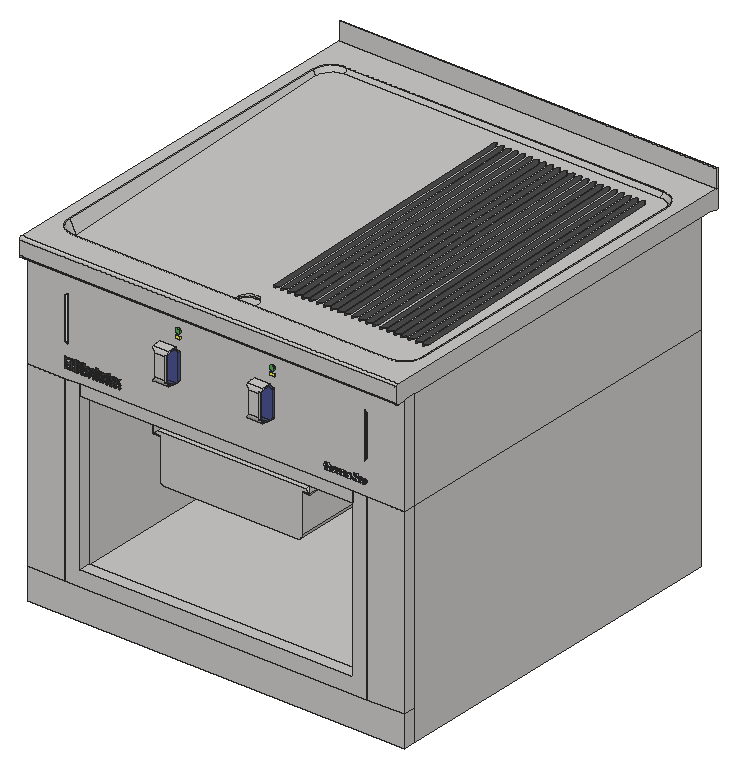
Revit family "QF_ELECTROLUXPROFESSIONAL_588674_MBHFGBHDAO", category Attrezzature speciali, Revit 2020
Family settings
  Quota connettore circolare = Usa diametro
  Tipo di parte = Normale
  Basato su piano di lavoro = No
  Sempre verticale = Sì
  Taglio con vuoti quando caricato = No
  Condiviso = No
  Punto di calcolo locali = No
Parameters (values of type "Standard")
  Weight = 145.00 kg
  Watts = 15300 W
  Volts = 400 V
  URL Manufacturer = "https://www.electroluxprofessional.com/"
  URL = "https://www.electroluxprofessional.com/"
  Steam Supply Size = 0"
  Steam Supply Minimum Pressure = 0.00 psi
  Steam Supply Maximum Pressure = 0.00 psi
  Steam Consumption per Hour = 0
  Refrigeration Suction Line Size = 0 mm
  Refrigeration Liquid Line Size = 0 mm
  Refrigerant Compressor Remote = yes
  Prospetto di default = 0 mm
  Phase = 3
  Modello = "MBHFGBHDAO"
  Produttore = "Electrolux Professional"
  Length Actual = 800 mm  # constant formula
  Item Number = "588674"
  Hot Water Size = 0"
  Height Actual = 700 mm  # constant formula
  HP = "20.5 HP"
  Gas Size = 0"
  Gas KW = 0
  Gas Input Pressure = 0.0 Btu/h
  Direct Waste Size = 0"
  Descrizione = "EL.FRYTOP,MIXED PL,1-S,BSPL,800X850X700H"
  Depth Actual = 850 mm  # constant formula
  Cycle = 50 Hz
  Condensate Return Size = 0"
  Compressed Air Volume = 0 GPM
  Compressed Air Size = 0"
  Compressed Air Pressure = 0.00 psi
  Cold Water Size = 0"
  Accessory = yes
Reference planes
  plane 1 "BACK": y = 0
  plane 2: z = 0
  plane 3 "LEFT": x = 0
  plane 4 "RIGHT": x = 800
  plane 5 "FRONT": y = -850
  plane 6 "TOP": z = 900
  plane 7 "Center (Left/Right)": x = 400
  plane 8 "Center (Front/Back)": y = -425
  plane 9: y = -150
  plane 10: y = -65
  plane 11: y = -790
  plane 12 "EIY": y = -635
  plane 13: z = 938
  plane 14 "BaseTop": z = 650
  plane 15: y = -805
  plane 16 "Camino": y = -50
  plane 17 "EIx": x = 755
  plane 18: z = 1131
  plane 19 "PlaneRibbed": through (-6096, -65, 890) normal (0, -0.0251, 0.9997)
  plane 20 "Base": z = 200
Forms (mm)
  Extrusion 1, solid, material "QF_Finishes_Stainless Steel"
    sketch origin (-178.969, -4572, 100) x (-1, 0, 0) y (0, -1, 0)
      loop
        line (-178.969, -4527) -> (-178.969, -3767) -> (-978.969, -3767) -> (-978.969, -4527) -> (-178.969, -4527)
    from 550 to 762.969
  Extrusion 2, solid, material "QF_Finishes_Stainless Steel"
    sketch origin (400, 296.4, 1219.2) x (0, 1, 0) y (0, 0, 1)
      loop
        line (-296.4, -319.2) -> (-1141.4, -319.2)
        arc (-1141.4, -319.2) -> (-1144.935, -320.664) -> (-1146.4, -324.2) r 5
        line (-1146.4, -324.2) -> (-1146.4, -355.2)
        arc (-1146.4, -355.2) -> (-1144.971, -358.264) -> (-1141.705, -359.139) r 4
        line (-1141.705, -359.139) -> (-1126.4, -356.231) -> (-316.4, -356.231) -> (-301.094, -359.139)
        arc (-301.094, -359.139) -> (-297.829, -358.264) -> (-296.4, -355.2) r 4
        line (-296.4, -355.2) -> (-296.4, -319.2)
    from -400 to 400
  Extrusion 3, void
    sketch origin (0, 0, 900) x (-1, 0, 0) y (0, -1, 0)
      loop
        arc (-65, 65) -> (-36.716, 76.716) -> (-25, 105) r 40
        line (-25, 105) -> (-25, 750)
        arc (-25, 750) -> (-36.716, 778.284) -> (-65, 790) r 40
        line (-65, 790) -> (-735, 790)
        arc (-735, 790) -> (-763.284, 778.284) -> (-775, 750) r 40
        line (-775, 750) -> (-775, 105)
        arc (-775, 105) -> (-763.284, 76.716) -> (-735, 65) r 40
        line (-735, 65) -> (-65, 65)
    from 0 to -30
  Extrusion 4, solid, material "QF_Finishes_Stainless Steel"
    sketch origin (400, 296.4, 1219.2) x (0, 1, 0) y (0, 0, 1)
      loop
        line (-296.4, -319.2) -> (-296.4, -281.2) -> (-298.4, -281.2) -> (-298.4, -319.2) -> (-296.4, -319.2)
    from 400 to -400
  Extrusion 5, solid, material "QF_Finishes_Stainless Steel"
    sketch origin (0, 0, 200) x (-1, 0, 0) y (0, -1, 0)
      loop
        circle (-755, 635) r 10.1
    from 0 to -10
  Sweep 6, solid, material "QF_Finishes_Stainless Steel"
    path origin (0, 0, 900) x (-1, 0, 0) y (0, -1, 0)
      loop
        line (-25, 105) -> (-25, 750)
        arc (-25, 750) -> (-36.716, 778.284) -> (-65, 790) r 40
        line (-65, 790) -> (-735, 790)
        arc (-735, 790) -> (-763.284, 778.284) -> (-775, 750) r 40
        line (-775, 750) -> (-775, 105)
        arc (-775, 105) -> (-763.284, 76.716) -> (-735, 65) r 40
        line (-735, 65) -> (-65, 65)
        arc (-65, 65) -> (-36.716, 76.716) -> (-25, 105) r 40
    profile origin (25, -427.5, 900) x (1, 0, 0) y (0, 0, 1)
      loop
        line (0, 0) -> (0, -30) -> (15, -30) -> (0, 0)
  Extrusion 7, void
    sketch origin (305.009, 0, 900) x (-1, 0, 0) y (0, -1, 0)
      loop
        circle (-94.991, 746) r 22.248
    from -32.282 to 0
  Extrusion 8, solid, material "QF_Finishes_Stainless Steel"
    sketch origin (400, 296.4, 1219.2) x (0, 1, 0) y (0, 0, 1)
      loop
        line (-1086.4, -349.2) -> (-361.4, -349.2) -> (-361.4, -329.2) -> (-1086.4, -347.399) -> (-1086.4, -349.2)
    from -375 to 375
  Extrusion 9, void
    sketch origin (290.252, 20, 900) x (-1, 0, 0) y (0, -1, 0)
      loop
        circle (-109.748, 765.667) r 22.248
    from -32.282 to 0
  Extrusion 10, solid, material "QF_Finishes_Stainless Steel"
    sketch origin (0, -425, 0) x (-1, 0, 0) y (0, 0, 1)
      loop
        line (-264.372, 616.232) -> (-236.622, 616.232)
        arc (-236.622, 616.232) -> (-235.738, 615.866) -> (-235.372, 614.982) r 1.25
        line (-235.372, 614.982) -> (-235.372, 584.482)
        arc (-235.372, 584.482) -> (-235.738, 583.598) -> (-236.622, 583.232) r 1.25
        line (-236.622, 583.232) -> (-249.372, 583.232) -> (-249.372, 582.232) -> (-236.622, 582.232)
        arc (-236.622, 582.232) -> (-235.031, 582.891) -> (-234.372, 584.482) r 2.25
        line (-234.372, 584.482) -> (-234.372, 614.982)
        arc (-234.372, 614.982) -> (-235.031, 616.573) -> (-236.622, 617.232) r 2.25
        line (-236.622, 617.232) -> (-264.372, 617.232) -> (-264.372, 616.232)
      loop
        line (-537.372, 616.232) -> (-537.372, 617.232) -> (-565.122, 617.232)
        arc (-565.122, 617.232) -> (-566.713, 616.573) -> (-567.372, 614.982) r 2.25
        line (-567.372, 614.982) -> (-567.372, 584.482)
        arc (-567.372, 584.482) -> (-566.713, 582.891) -> (-565.122, 582.232) r 2.25
        line (-565.122, 582.232) -> (-552.372, 582.232) -> (-552.372, 583.232) -> (-565.122, 583.232)
        arc (-565.122, 583.232) -> (-566.006, 583.598) -> (-566.372, 584.482) r 1.25
        line (-566.372, 584.482) -> (-566.372, 614.982)
        arc (-566.372, 614.982) -> (-566.006, 615.866) -> (-565.122, 616.232) r 1.25
        line (-565.122, 616.232) -> (-537.372, 616.232)
    from -365 to 360
  Extrusion 11, solid, material "QF_Finishes_Stainless Steel"
    sketch origin (0, -425, 0) x (-1, 0, 0) y (0, 0, 1)
      loop
        line (-249.872, 583.232) -> (-238.372, 583.232) -> (-238.372, 584.232) -> (-244.372, 590.232) -> (-557.372, 590.232) -> (-563.372, 584.232) -> (-563.372, 583.232) -> (-551.872, 583.232) -> (-551.872, 501.232)
        arc (-551.872, 501.232) -> (-548.65, 493.454) -> (-540.872, 490.232) r 11
        line (-540.872, 490.232) -> (-260.872, 490.232)
        arc (-260.872, 490.232) -> (-253.094, 493.454) -> (-249.872, 501.232) r 11
        line (-249.872, 501.232) -> (-249.872, 583.232)
    from -365 to 360
  Extrusion 12, void
    sketch origin (0, -425, 0) x (-1, 0, 0) y (0, 0, 1)
      loop
        line (-254.872, 501.232) -> (-254.872, 590.232) -> (-546.872, 590.232) -> (-546.872, 506.232)
        arc (-546.872, 506.232) -> (-543.65, 498.454) -> (-535.872, 495.232) r 11
        line (-535.872, 495.232) -> (-260.872, 495.232)
        arc (-260.872, 495.232) -> (-256.629, 496.99) -> (-254.872, 501.232) r 6
    from -350 to 355
  Extrusion 13, solid, material "QF_Finishes_Stainless Steel"
    sketch origin (0, -425, 0) x (-1, 0, 0) y (0, 0, 1)
      loop
        line (-690, 617.232) -> (-109.949, 617.232) -> (-109.949, 627) -> (-690, 627) -> (-690, 617.232)
    from -365 to -351.075
Cuts and joins
  Extrusion 3, Extrusion 7, Extrusion 9 cuts Extrusion 2
  Extrusion 9 cuts Sweep 6
  Extrusion 9 cuts Extrusion 8
  joined: Sweep 6, Extrusion 8
  Extrusion 12 cuts Extrusion 11
Lines and regions (mm)
  symbolic lines
    curve 1: line (0, 0, 100) -> (800, 0, 100)
    curve 2: line (0, -850, 100) -> (0, 0, 100)
    curve 3: line (800, -850, 100) -> (0, -850, 100)
    curve 4: line (800, 0, 100) -> (800, -850, 100)
    curve 5: line (0, -2, 0) -> (800, -2, 0)
    curve 6: line (734.029, -65, 0) -> (65.29, -65, 0)
    curve 7: line (65.29, -790, 0) -> (734.029, -790, 0)
    curve 8: line (65, -80, 900) -> (735, -80, 900)
    curve 9: line (735, -775, 900) -> (65, -775, 900)
    curve 10: arc (760, -750, 900) -> (752.678, -767.678, 900) -> (735, -775, 900) r 25
    curve 11: line (760, -105, 900) -> (760, -750, 900)
    curve 12: arc (735, -80, 900) -> (752.678, -87.322, 900) -> (760, -105, 900) r 25
    curve 13: circle (400, -746, 900) r 22.248 normal (0, 0, 1)
    curve 14: arc (90.5, -85.483, 900) -> (62.314, -97.096, 900) -> (50.5, -125.198, 900) r 39.994
    curve 15: line (90.5, -85.482, 900) -> (710.5, -85.482, 900)
    curve 16: line (50.5, -662.082, 900) -> (50.5, -125.198, 900)
    curve 17: arc (50.5, -662.082, 900) -> (62.314, -690.184, 900) -> (90.5, -701.797, 900) r 39.994
    curve 18: line (710.5, -701.798, 900) -> (90.5, -701.798, 900)
    curve 19: line (40.29, -708.526, 900) -> (760, -708.526, 900)
    curve 20: line (40.29, -718.526, 900) -> (760, -718.526, 900)
    curve 21: arc (65, -65, 900) -> (36.716, -76.716, 900) -> (25, -105, 900) r 40
    curve 22: line (25, -105, 900) -> (25, -750, 900)
    curve 23: arc (25, -750, 900) -> (36.716, -778.284, 900) -> (65, -790, 900) r 40
    curve 24: arc (735, -790, 900) -> (763.284, -778.284, 900) -> (775, -750, 900) r 40
    curve 25: line (775, -750, 900) -> (775, -105, 900)
    curve 26: arc (775, -105, 900) -> (763.284, -76.716, 900) -> (735, -65, 900) r 40
    curve 27: arc (709.5, -85.483, 900) -> (737.686, -97.096, 900) -> (749.5, -125.198, 900) r 39.994
    curve 28: line (749.5, -662.082, 900) -> (749.5, -125.198, 900)
    curve 29: arc (749.5, -662.082, 900) -> (737.686, -690.184, 900) -> (709.5, -701.797, 900) r 39.994
    curve 30: arc (65, -775, 900) -> (47.322, -767.678, 900) -> (40, -750, 900) r 25
    curve 31: line (40, -750, 900) -> (40, -105, 900)
    curve 32: arc (40, -105, 900) -> (47.322, -87.322, 900) -> (65, -80, 900) r 25
Dimensions and locks
  plane 3 "LEFT" to plane 4 "RIGHT" = 800 mm
  locked: plane 5 "FRONT" to plane 1 "BACK" at 850
  plane 3 "LEFT" to plane 7 "Center (Left/Right)" to plane 4 "RIGHT" = 400 mm, 400 mm
  equal spacing: plane 5 "FRONT", plane 8 "Center (Front/Back)", plane 1 "BACK"
  plane 6 "TOP" to level = 900 mm  (x2)
  plane 1 "BACK" to plane 9 = 150 mm
  plane 12 "EIY" to plane 1 "BACK" = 635 mm
  plane 13 to plane 6 "TOP" = 38 mm
  plane 10 to plane 1 "BACK" = 65 mm
  plane 5 "FRONT" to plane 11 = 60 mm
  locked: plane 6 "TOP" to plane 14 "BaseTop" at 250
  locked: plane 15 to plane 5 "FRONT" at 45
  plane 16 "Camino" to plane 1 "BACK" = 50 mm
  plane 17 "EIx" to plane 4 "RIGHT" = 45 mm
  plane 18 to plane 6 "TOP" = 231 mm
  plane 20 "Base" to level = 200 mm
  aligned and locked: level to plane 2
  aligned and locked: cut or joined group of Extrusion 2, Extrusion 3, Extrusion 7, Extrusion 9 to plane 3 "LEFT"
  aligned and locked: cut or joined group of Extrusion 2, Extrusion 3, Extrusion 7, Extrusion 9 to plane 4 "RIGHT"
  aligned and locked: nested 1 to plane 15
  aligned and locked: Extrusion 1 to plane 15
  aligned and locked: Extrusion 4 to plane 3 "LEFT"
  aligned and locked: Extrusion 4 to plane 4 "RIGHT"
  aligned and locked: plane 3 "LEFT" to nested 1
  aligned and locked: Extrusion 1 to nested 24
Automatic sketch dimensions
  curve 5 to plane 3 "LEFT" = 0 mm
  plane 10 to curve 6 = 0 mm
  plane 11 to curve 7 = 0 mm
  curve 5 to plane 4 "RIGHT" = 0 mm
  plane 3 "LEFT" to curve 6 = 65.29 mm
  plane 3 "LEFT" to curve 7 = 65.29 mm
  curve 6 to plane 17 "EIx" = 20.971 mm
  curve 7 to plane 17 "EIx" = 20.971 mm
  plane 1 "BACK" to curve 5 = 2 mm
  Extrusion 1 sketch curve to plane 4 "RIGHT" = 0 mm
  Extrusion 1 sketch curve to plane 3 "LEFT" = 0 mm
  Extrusion 1 sketch curve to plane 15 = 0 mm
  Extrusion 1 sketch curve to plane 16 "Camino" = 5 mm
  plane 1 "BACK" to curve 1 = 0 mm
  curve 1 to plane 4 "RIGHT" = 0 mm
  curve 3 to plane 3 "LEFT" = 0 mm
  plane 5 "FRONT" to curve 3 = 0 mm
  Extrusion 2 sketch curve to plane 5 "FRONT" = 0 mm
  Extrusion 2 sketch curve to plane 6 "TOP" = 0 mm
  Extrusion 2 sketch curve to plane 1 "BACK" = 0 mm
  Extrusion 2 sketch curve to Extrusion 2 sketch curve = 4 mm
  Extrusion 2 sketch curve to Extrusion 2 sketch curve = 0.695 mm
  Extrusion 2 sketch curve to plane 5 "FRONT" = 5 mm
  Extrusion 2 sketch curve to Extrusion 2 sketch curve = 15.305 mm
  plane 1 "BACK" to Extrusion 2 sketch curve = 20 mm
  plane 1 "BACK" to Extrusion 2 sketch curve = 4.695 mm
  plane 1 "BACK" to Extrusion 2 sketch curve = 4 mm
  Extrusion 2 sketch curve to Extrusion 2 sketch curve = 31 mm
  Extrusion 2 sketch curve to Extrusion 2 sketch curve = 36 mm
  Extrusion 2 sketch curve to Extrusion 2 sketch curve = 2.909 mm
  plane 11 to Extrusion 3 sketch curve = 0 mm
  plane 10 to Extrusion 3 sketch curve = 0 mm
  plane 17 "EIx" to Extrusion 3 sketch curve = 20 mm
  Extrusion 3 sketch curve to plane 17 "EIx" = 20 mm  (x2)
  plane 3 "LEFT" to Extrusion 3 sketch curve = 65 mm  (x2)
  plane 10 to Extrusion 3 sketch curve = 40 mm
  curve 10 to curve 24 = 0 mm  (x2)
  curve 12 to curve 26 = 0 mm  (x2)
  curve 21 to curve 32 = 0 mm  (x2)
  curve 23 to curve 30 = 0 mm  (x2)
  plane 10 to curve 26 = 0 mm
  plane 11 to curve 24 = 0 mm
  curve 13 to plane 7 "Center (Left/Right)" = 0 mm
  plane 10 to curve 21 = 0 mm
  curve 29 to plane 17 "EIx" = 45.493 mm
  curve 27 to plane 17 "EIx" = 45.493 mm
  curve 12 to plane 17 "EIx" = 20 mm
  curve 24 to plane 17 "EIx" = 20 mm
  curve 28 to plane 17 "EIx" = 5.5 mm
  plane 17 "EIx" to curve 11 = 5 mm
  curve 25 to curve 11 = 15 mm
  curve 17 to plane 12 "EIY" = 26.803 mm
  plane 3 "LEFT" to curve 17 = 90.493 mm
  plane 9 to curve 14 = 24.523 mm
  plane 3 "LEFT" to curve 14 = 90.493 mm
  curve 14 to curve 21 = 25.493 mm
  curve 23 to plane 11 = 40 mm
  plane 3 "LEFT" to curve 23 = 65 mm
  curve 17 to curve 16 = 39.993 mm
  curve 31 to curve 16 = 20.198 mm
  curve 11 to curve 28 = 20.198 mm
  plane 9 to curve 27 = 24.523 mm
  curve 29 to plane 12 "EIY" = 26.803 mm
  curve 16 to plane 12 "EIY" = 27.082 mm
  curve 28 to plane 12 "EIY" = 27.082 mm
  curve 13 to plane 11 = 44 mm
  plane 10 to curve 27 = 20.483 mm
  curve 29 to curve 29 = 0.007 mm
  curve 18 to curve 29 = 1 mm
  curve 15 to curve 27 = 1 mm
  curve 18 to curve 17 = 0.007 mm
  curve 15 to curve 8 = 25.5 mm
  curve 15 to curve 14 = 0 mm
  curve 18 to curve 17 = 0 mm
  curve 20 to curve 30 = 0.29 mm
  curve 19 to curve 20 = 0 mm
  curve 15 to curve 14 = 0.001 mm
  curve 29 to curve 18 = 0.001 mm
  curve 19 to curve 30 = 41.474 mm
  curve 19 to curve 20 = 10 mm
  Extrusion 4 sketch curve to plane 6 "TOP" = 0 mm
  Extrusion 4 sketch curve to plane 13 = 0 mm
  Extrusion 4 sketch curve to plane 1 "BACK" = 0 mm
  Extrusion 4 sketch curve to Extrusion 4 sketch curve = 2 mm
  plane 10 to Sweep 6 sketch curve = 0 mm
  plane 11 to Sweep 6 sketch curve = 0 mm
  plane 17 "EIx" to Sweep 6 sketch curve = 20 mm
  Sweep 6 sketch curve to plane 17 "EIx" = 20 mm  (x2)
  plane 3 "LEFT" to Sweep 6 sketch curve = 65 mm  (x2)
  plane 3 "LEFT" to Sweep 6 sketch curve = 25 mm
  profile plane to Sweep 6 sketch curve = 0 mm
  Sweep 6 sketch curve to plane 6 "TOP" = 0 mm
  Sweep 6 sketch curve to profile plane = 15 mm
  Sweep 6 sketch curve to plane 6 "TOP" = 30 mm
  Extrusion 7 sketch curve to plane 7 "Center (Left/Right)" = 0 mm
  Extrusion 7 sketch curve to plane 11 = 44 mm
  Extrusion 7 sketch curve to plane 7 "Center (Left/Right)" = 12.288 mm
  Extrusion 7 sketch curve to Extrusion 7 sketch curve = 0 mm
  Extrusion 7 sketch curve to Extrusion 7 sketch curve = 18.547 mm
  plane 7 "Center (Left/Right)" to Extrusion 9 sketch curve = 0 mm
  Extrusion 9 sketch curve to plane 11 = 44.333 mm
  Extrusion 9 sketch curve to plane 7 "Center (Left/Right)" = 12.288 mm
  Extrusion 9 sketch curve to Extrusion 9 sketch curve = 0 mm
  Extrusion 9 sketch curve to Extrusion 9 sketch curve = 18.547 mm
  Extrusion 8 sketch curve to plane 11 = 0 mm
  Extrusion 8 sketch curve to plane 10 = 0 mm
  Extrusion 8 sketch curve to plane 6 "TOP" = 30 mm
  Extrusion 8 sketch curve to plane 6 "TOP" = 10 mm
  Extrusion 8 sketch curve to Extrusion 8 sketch curve = 1.801 mm
  plane 12 "EIY" to Extrusion 5 sketch curve = 0 mm
  Extrusion 5 sketch curve to plane 17 "EIx" = 0 mm
  Extrusion 10 sketch curve to Extrusion 10 sketch curve = 0 mm  (x8)
  Extrusion 10 sketch curve to plane 14 "BaseTop" = 35.018 mm
  plane 7 "Center (Left/Right)" to Extrusion 10 sketch curve = 167.372 mm
  Extrusion 10 sketch curve to Extrusion 10 sketch curve = 1 mm  (x2)
  Extrusion 10 sketch curve to Extrusion 10 sketch curve = 1.25 mm  (x3)
  Extrusion 10 sketch curve to Extrusion 10 sketch curve = 12.75 mm  (x2)
  Extrusion 10 sketch curve to Extrusion 10 sketch curve = 27.75 mm  (x2)
  Extrusion 10 sketch curve to plane 14 "BaseTop" = 33.768 mm
  Extrusion 10 sketch curve to plane 7 "Center (Left/Right)" = 135.628 mm
  Extrusion 10 sketch curve to Extrusion 10 sketch curve = 15 mm
  Extrusion 10 sketch curve to Extrusion 10 sketch curve = 30.5 mm  (x2)
  Extrusion 11 sketch curve to plane 14 "BaseTop" = 66.768 mm
  plane 7 "Center (Left/Right)" to Extrusion 11 sketch curve = 163.372 mm
  Extrusion 11 sketch curve to Extrusion 11 sketch curve = 11.5 mm
  Extrusion 11 sketch curve to Extrusion 11 sketch curve = 11 mm  (x2)
  Extrusion 11 sketch curve to plane 7 "Center (Left/Right)" = 139.128 mm
  Extrusion 11 sketch curve to Extrusion 11 sketch curve = 5.5 mm
  Extrusion 11 sketch curve to Extrusion 11 sketch curve = 6 mm  (x3)
  Extrusion 11 sketch curve to Extrusion 11 sketch curve = 82 mm
  Extrusion 11 sketch curve to Extrusion 11 sketch curve = 1 mm  (x2)
  Extrusion 11 sketch curve to plane 14 "BaseTop" = 59.768 mm
  plane 7 "Center (Left/Right)" to Extrusion 12 sketch curve = 146.872 mm
  Extrusion 12 sketch curve to Extrusion 12 sketch curve = 11 mm
  Extrusion 12 sketch curve to plane 7 "Center (Left/Right)" = 139.128 mm
  Extrusion 12 sketch curve to Extrusion 12 sketch curve = 6 mm
  Extrusion 12 sketch curve to plane 14 "BaseTop" = 154.768 mm
  Extrusion 12 sketch curve to plane 14 "BaseTop" = 59.768 mm
  Extrusion 13 sketch curve to plane 14 "BaseTop" = 23 mm
  plane 3 "LEFT" to Extrusion 13 sketch curve = 109.949 mm
  Extrusion 13 sketch curve to plane 17 "EIx" = 65 mm
  Extrusion 13 sketch curve to Extrusion 13 sketch curve = 9.768 mm
  radius of curve 13 = 22.248 mm
  radius of Extrusion 5 sketch curve = 10.1 mm
Nested families
  nested 1: "Front_Panel_W800_2 Knobs_2Spie" at (202.376, -805, 0), type "Front_Panel_W800_2 Knobs_2Spie"
  nested 2: "Rib_D12" at (662.5, -379.667, 882.101) x (-1, 0, 0) z (0, -0.0251, 0.9997), type "Rib_D12"
    with Show Clearance yes, Lenght 588 mm
  nested 3: "Rib_D12" at (647.5, -379.667, 882.101) x (-1, 0, 0) z (0, -0.0251, 0.9997), type "Rib_D12"
    with Show Clearance yes, Lenght 588 mm
  nested 4: "Rib_D12" at (632.5, -379.667, 882.101) x (-1, 0, 0) z (0, -0.0251, 0.9997), type "Rib_D12"
    with Show Clearance yes, Lenght 588 mm
  nested 5: "Rib_D12" at (617.5, -379.667, 882.101) x (-1, 0, 0) z (0, -0.0251, 0.9997), type "Rib_D12"
    with Show Clearance yes, Lenght 588 mm
  nested 6: "Rib_D12" at (602.5, -379.667, 882.101) x (-1, 0, 0) z (0, -0.0251, 0.9997), type "Rib_D12"
    with Show Clearance yes, Lenght 588 mm
  nested 7: "Rib_D12" at (587.5, -379.667, 882.101) x (-1, 0, 0) z (0, -0.0251, 0.9997), type "Rib_D12"
    with Show Clearance yes, Lenght 588 mm
  nested 8: "Rib_D12" at (572.5, -379.667, 882.101) x (-1, 0, 0) z (0, -0.0251, 0.9997), type "Rib_D12"
    with Show Clearance yes, Lenght 588 mm
  nested 9: "Rib_D12" at (557.5, -379.667, 882.101) x (-1, 0, 0) z (0, -0.0251, 0.9997), type "Rib_D12"
    with Show Clearance yes, Lenght 588 mm
  nested 10: "Rib_D12" at (542.5, -379.667, 882.101) x (-1, 0, 0) z (0, -0.0251, 0.9997), type "Rib_D12"
    with Show Clearance yes, Lenght 588 mm
  nested 11: "Rib_D12" at (527.5, -379.667, 882.101) x (-1, 0, 0) z (0, -0.0251, 0.9997), type "Rib_D12"
    with Show Clearance yes, Lenght 588 mm
  nested 12: "Rib_D12" at (512.5, -379.667, 882.101) x (-1, 0, 0) z (0, -0.0251, 0.9997), type "Rib_D12"
    with Show Clearance yes, Lenght 588 mm
  nested 13: "Rib_D12" at (497.5, -379.667, 882.101) x (-1, 0, 0) z (0, -0.0251, 0.9997), type "Rib_D12"
    with Show Clearance yes, Lenght 588 mm
  nested 14: "Rib_D12" at (722.5, -379.667, 882.101) x (-1, 0, 0) z (0, -0.0251, 0.9997), type "Rib_D12"
    with Show Clearance yes, Lenght 588 mm
  nested 15: "Rib_D12" at (707.5, -379.667, 882.101) x (-1, 0, 0) z (0, -0.0251, 0.9997), type "Rib_D12"
    with Show Clearance yes, Lenght 588 mm
  nested 16: "Rib_D12" at (692.5, -379.667, 882.101) x (-1, 0, 0) z (0, -0.0251, 0.9997), type "Rib_D12"
    with Show Clearance yes, Lenght 588 mm
  nested 17: "Rib_D12" at (677.5, -379.667, 882.101) x (-1, 0, 0) z (0, -0.0251, 0.9997), type "Rib_D12"
    with Show Clearance yes, Lenght 588 mm
  nested 18: "Rib_D12" at (482.5, -379.667, 882.101) x (-1, 0, 0) z (0, -0.0251, 0.9997), type "Rib_D12"
    with Show Clearance yes, Lenght 588 mm
  nested 19: "Rib_D12" at (467.5, -379.667, 882.101) x (-1, 0, 0) z (0, -0.0251, 0.9997), type "Rib_D12"
    with Show Clearance yes, Lenght 588 mm
  nested 20: "Rib_D12" at (452.5, -379.667, 882.101) x (-1, 0, 0) z (0, -0.0251, 0.9997), type "Rib_D12"
    with Show Clearance yes, Lenght 588 mm
  nested 21: "Rib_D12" at (437.5, -379.667, 882.101) x (-1, 0, 0) z (0, -0.0251, 0.9997), type "Rib_D12"
    with Show Clearance yes, Lenght 588 mm
  nested 22: "Rib_D12" at (422.5, -379.667, 882.101) x (-1, 0, 0) z (0, -0.0251, 0.9997), type "Rib_D12"
    with Show Clearance yes, Lenght 588 mm
  nested 23: "Rib_D12" at (407.5, -379.667, 882.101) x (-1, 0, 0) z (0, -0.0251, 0.9997), type "Rib_D12"
    with Show Clearance yes, Lenght 588 mm
  nested 24: "QF_ELECTROLUXPROFESSIONAL_588643_MB1NCAHOOO" at (0, 0, 0), type "QF_ELECTROLUXPROFESSIONAL_588643_MB1NCAHOOO"
    with Type Mark "", Specification by User "", Revision Code "", Item Number "", Installed By "", Identify Quantity as Lot yes, Furnished By "", Foodservice Equipment Identifier yes
Connectors
  electrical at (755, -635, 190), driven by "Volts"
    settings: on Extrusion 5, index 1, voltage 400 V, apparent load 0 VA, apparent load phase1 0 VA, apparent load phase2 0 VA, apparent load phase3 0 VA, power factor 1, load classification "Other", number of poles 1, system type 30, power factor state 1, is connector primary yes, connector utility no, sub classification motor no, connector description "Electrical Connection"
Definition of nested family "Front_Panel_W800_2 Knobs_2Spie"
  Parameters
    Default Elevation = 0 mm
  Reference planes
    plane 1 "Center (Front/Back)": y = 0
    plane 2: z = 0
    plane 3 "Center (Left/Right)": x = 197.624
    plane 4 "Left": x = -202.376
    plane 5 "Right": x = 597.624
    plane 6: y = -45
    plane 7: x = 97.624
    plane 8 "Panel": y = -25
    plane 9: x = 517.624
    plane 10: x = -122.376
    plane 11: x = 297.624
  Forms (mm)
    Extrusion 1, solid
      sketch origin (833.217, 829.203, -1.25) x (0, 1, 0) y (0, 0, 1)
        loop
          line (-854.203, 651.25) -> (-829.203, 651.25) -> (-829.203, 864.25) -> (-854.203, 864.25) -> (-854.203, 651.25)
      from -1035.593 to -235.593
    Extrusion 2, void
      sketch origin (0, -25, -10) x (0, 0, 1) y (-1, 0, 0)
        loop
          line (731.866, 122.376) -> (726.866, 117.376) -> (823.866, 117.376) -> (818.866, 122.376) -> (731.866, 122.376)
        loop
          line (731.866, -517.624) -> (818.866, -517.624) -> (823.866, -512.624) -> (726.866, -512.624) -> (731.866, -517.624)
      from 0 to -2
    Extrusion 3, solid
      sketch origin (160, -25, 1.163) x (0, 0, 1) y (-1, 0, 0)
        loop
          circle (824.337, 42.376) r 5
      from 0 to 1.7
    Extrusion 4, solid
      sketch origin (330.497, -25, 1.163) x (0, 0, 1) y (-1, 0, 0)
        loop
          circle (824.337, 12.376) r 5
      from 0 to 1.7
    Extrusion 5, solid
      sketch origin (0, -25, -10) x (0, 0, 1) y (-1, 0, 0)
        loop
          line (731.866, 122.376) -> (726.866, 117.376) -> (823.866, 117.376) -> (818.866, 122.376) -> (731.866, 122.376)
        loop
          line (726.866, -512.624) -> (731.866, -517.624) -> (818.866, -517.624) -> (823.866, -512.624) -> (726.866, -512.624)
      from -2 to 0
    Extrusion 6, solid
      sketch origin (160, -25, -13.837) x (0, 0, 1) y (-1, 0, 0)
        loop
          line (829.337, 37.376) -> (829.337, 47.376) -> (824.337, 47.376) -> (824.337, 37.376) -> (829.337, 37.376)
      from 0 to 1.7
    Extrusion 7, solid
      sketch origin (360, -25, -13.837) x (0, 0, 1) y (-1, 0, 0)
        loop
          line (829.337, 37.376) -> (829.337, 47.376) -> (824.337, 47.376) -> (824.337, 37.376) -> (829.337, 37.376)
      from 0 to 1.7
  Cuts and joins
    Extrusion 2 cuts Extrusion 1
  Dimensions and locks
    equal spacing: plane 5 "Right", plane 3 "Center (Left/Right)", plane 4 "Left"
    plane 5 "Right" to plane 4 "Left" = 800 mm
    plane 3 "Center (Left/Right)" to plane 7 = 100 mm
    plane 11 to plane 3 "Center (Left/Right)" = 100 mm
    aligned and locked: cut or joined group of Extrusion 1, Extrusion 2 to plane 4 "Left"
    aligned and locked: plane 5 "Right" to cut or joined group of Extrusion 1, Extrusion 2
  Automatic sketch dimensions
    Extrusion 1 sketch curve to plane 8 "Panel" = 0 mm
    Extrusion 1 sketch curve to plane 1 "Center (Front/Back)" = 0 mm
    level to Extrusion 1 sketch curve = 650 mm
    Extrusion 1 sketch curve to Extrusion 1 sketch curve = 213 mm
    Extrusion 2 sketch curve to plane 10 = 0 mm
    Extrusion 2 sketch curve to plane 9 = 0 mm
    Extrusion 2 sketch curve to plane 9 = 5 mm
    level to Extrusion 2 sketch curve = 716.866 mm
    plane 10 to Extrusion 2 sketch curve = 5 mm
    Extrusion 2 sketch curve to Extrusion 2 sketch curve = 0 mm
    Extrusion 2 sketch curve to Extrusion 2 sketch curve = 5 mm  (x4)
    Extrusion 2 sketch curve to Extrusion 2 sketch curve = 87 mm  (x2)
    plane 7 to Extrusion 3 sketch curve = 20 mm
    level to Extrusion 3 sketch curve = 825.5 mm
    plane 11 to Extrusion 4 sketch curve = 20.497 mm
    level to Extrusion 4 sketch curve = 825.5 mm
    Extrusion 5 sketch curve to plane 10 = 0 mm
    Extrusion 5 sketch curve to plane 9 = 0 mm
    Extrusion 5 sketch curve to plane 9 = 5 mm
    level to Extrusion 5 sketch curve = 716.866 mm
    plane 10 to Extrusion 5 sketch curve = 5 mm
    Extrusion 5 sketch curve to Extrusion 5 sketch curve = 0 mm
    Extrusion 5 sketch curve to Extrusion 5 sketch curve = 5 mm  (x4)
    Extrusion 5 sketch curve to Extrusion 5 sketch curve = 87 mm  (x2)
    plane 7 to Extrusion 6 sketch curve = 25 mm
    level to Extrusion 6 sketch curve = 810.5 mm
    Extrusion 6 sketch curve to Extrusion 6 sketch curve = 5 mm
    Extrusion 6 sketch curve to Extrusion 6 sketch curve = 10 mm
    plane 11 to Extrusion 7 sketch curve = 25 mm
    level to Extrusion 7 sketch curve = 810.5 mm
    Extrusion 7 sketch curve to Extrusion 7 sketch curve = 5 mm
    Extrusion 7 sketch curve to Extrusion 7 sketch curve = 10 mm
    radius of Extrusion 3 sketch curve = 5 mm
    radius of Extrusion 4 sketch curve = 5 mm
  Nested families
    nested 1: "Range Control Handle" at (97.851, -28.137, -209.113) x (-1, 0, 0) z (0, 0, 1), type "Range Control Handle"
    nested 2: "Range Control Handle" at (297.398, -28.137, -209.113), type "Range Control Handle"
    nested 3: "ELX_ThermaLine_Small" at (468.838, -25, 679.426) x (1, 0, 0) z (0, -1, 0), type "ELX_ThermaLine_Small"
      with Show Logo yes, Material_Logo none
    nested 4: "ELX_Professional_Logo_Small" at (-62.89, -25, 681.659) x (1, 0, 0) z (0, -1, 0), type "ELX_Professional_Logo_Small"
      with Show Logo yes, Material_Logo none
  Definition of nested family "Range Control Handle"
    Parameters
      Default Elevation = 0 mm
    Reference planes
      plane 1 "Center (Front/Back)": y = 0
      plane 2: z = 0
      plane 3 "Center (Left/Right)": x = 0
      plane 4: z = 971.092
      plane 5: y = -16.9
    Forms (mm)
      Extrusion 1, solid
        sketch origin (-746.28, 380.497, 208.931) x (-1, 0, 0) y (0, 0, 1)
          loop
            line (-770.101, 786.798) -> (-770.101, 731.649)
            arc (-770.101, 731.649) -> (-769.759, 730.563) -> (-768.855, 729.87) r 1.893
            line (-768.855, 729.87) -> (-763.474, 727.911) -> (-729.81, 727.911) -> (-724.428, 729.87)
            arc (-724.428, 729.87) -> (-723.525, 730.563) -> (-723.183, 731.649) r 1.893
            line (-723.183, 731.649) -> (-723.183, 786.798)
            arc (-723.183, 786.798) -> (-723.529, 787.894) -> (-724.44, 788.593) r 1.91
            line (-724.44, 788.593) -> (-729.683, 790.819) -> (-763.601, 790.819) -> (-768.844, 788.593)
            arc (-768.844, 788.593) -> (-769.755, 787.894) -> (-770.101, 786.798) r 1.91
        from -382.35 to -378.852
      Sweep 2, solid
        path origin (-746.788, 380.496, 208.091) x (0, -1, 0) y (0, 0, 1)
          loop
            line (379.775, 793.281) -> (395.661, 791.048)
            arc (395.661, 791.048) -> (397.781, 787.377) -> (398.517, 783.202) r 12.207
            line (398.517, 783.202) -> (398.517, 737.368)
            arc (398.517, 737.368) -> (397.781, 733.193) -> (395.661, 729.522) r 12.207
            line (395.661, 729.522) -> (379.775, 727.289)
        profile origin (-746.788, -7.222, 1000.256) x (0, -0.139173, 0.990268) y (-1, 0, 0)
          loop
            line (0.782, -763.123) -> (0.782, -730.907) -> (-1.322, -730.907) -> (-1.322, -763.123) -> (0.782, -763.123)
      Sweep 3, solid
        path origin (-746.788, 380.715, 207.832) x (0, -1, 0) y (0, 0, 1)
          loop
            line (380.478, 795.442) -> (397.218, 793.09)
            arc (397.218, 793.09) -> (399.929, 788.473) -> (400.871, 783.202) r 15.207
            line (400.871, 783.202) -> (400.871, 737.584)
            arc (400.871, 737.584) -> (399.914, 732.274) -> (397.164, 727.633) r 15.207
            line (397.164, 727.633) -> (380.601, 725.305)
        profile origin (-746.788, -8.132, 1002.099) x (0, -0.139173, 0.990268) y (-1, 0, 0)
          loop
            line (0.782, -763.123) -> (0.782, -730.907) -> (-1.322, -730.907) -> (-1.322, -763.123) -> (0.782, -763.123)
      Extrusion 4, void
        sketch origin (889.253, 220.666, 207.993) x (1, 0, 0) y (0, 0, 1)
          loop
            line (-943.038, 816.854) -> (-943.038, 703.686) -> (-899.466, 734.196) -> (-899.466, 786.344) -> (-943.038, 816.854)
        from 230.636 to 242.25
      Extrusion 5, void
        sketch origin (-888.8, 220.666, 207.993) x (-1, 0, 0) y (0, 0, -1)
          loop
            line (-943.038, -816.854) -> (-899.466, -786.344) -> (-899.466, -734.196) -> (-943.038, -703.686) -> (-943.038, -816.854)
        from 230.636 to 242.25
      Extrusion 6, solid
        sketch origin (0, 0, 0) x (1, 0, 0) y (0, 0, 1)
          loop
            circle (0, 971.092) r 7.736
        from -3.137 to -1.645
    Cuts and joins
      Extrusion 4, Extrusion 5 cuts Sweep 3
      Extrusion 4, Extrusion 5 cuts Sweep 2
      joined: Extrusion 1, Extrusion 6
    Lines and regions (mm)
      symbolic lines
        curve 1: line (16.334, -16.9, 0) -> (16.334, -19.227, 0)
        curve 2: spline (16.334, -19.227, 0) -> (15.87, -19.385, 0) -> (15.404, -19.536, 0) -> (14.936, -19.678, 0) -> (14.466, -19.813, 0) -> (13.995, -19.94, 0) -> (13.523, -20.059, 0) -> (13.049, -20.171, 0) -> (12.575, -20.274, 0) -> (12.099, -20.37, 0) -> (11.622, -20.458, 0) -> (11.144, -20.537, 0) -> (10.666, -20.609, 0)
        curve 3: line (10.666, -16.9, 0) -> (10.666, -20.938, 0)
        curve 4: line (-10.213, -20.938, 0) -> (10.666, -20.938, 0)
        curve 5: line (-10.213, -20.938, 0) -> (-10.213, -16.9, 0)
        curve 6: spline (-10.213, -20.609, 0) -> (-10.691, -20.537, 0) -> (-11.169, -20.458, 0) -> (-11.646, -20.37, 0) -> (-12.122, -20.274, 0) -> (-12.597, -20.171, 0) -> (-13.07, -20.059, 0) -> (-13.542, -19.94, 0) -> (-14.013, -19.813, 0) -> (-14.483, -19.678, 0) -> (-14.951, -19.536, 0) -> (-15.417, -19.385, 0) -> (-15.881, -19.227, 0)
        curve 7: line (-15.881, -19.227, 0) -> (-15.881, -16.9, 0)
  Definition of nested family "ELX_ThermaLine_Small"
    Parameters
      Show Logo [instance] = yes
      Material_Logo [instance] = none
      Default Elevation = 0 mm
    Reference planes
      plane 1 "Centro (Fronte/Retro)": y = 0
      plane 2: z = 0
      plane 3 "Centro (Sinistra/Destra)": x = 0
    Forms (mm)
      Extrusion 1, solid
        sketch origin (0, 0, 0) x (1, 0, 0) y (0, 1, 0)
          loop
            line (-1219.2, 1219.2) -> (-1219.2, -1219.2) -> (1219.2, -1219.2) -> (1219.2, 1219.2) -> (-1219.2, 1219.2)
        from 0 to -304.8
      Extrusion 2, solid
        sketch origin (0, 0, 0) x (1, 0, 0) y (0, 1, 0)
          loop
            line (-37.494, 1.229) -> (-35.908, 1.229) -> (-35.908, 3.066) -> (-37.494, 3.066) -> (-37.494, 6.221) -> (-39.867, 4.881) -> (-39.867, 3.066) -> (-40.969, 3.066) -> (-40.969, 1.229) -> (-39.867, 1.229) -> (-39.867, -3.407)
            arc (-39.867, -3.407) -> (-38.982, -5.513) -> (-36.751, -6.001) r 2.478
            line (-36.751, -6.001) -> (-35.638, -5.7) -> (-35.9, -3.835) -> (-36.661, -4.039)
            arc (-36.661, -4.039) -> (-37.236, -3.924) -> (-37.494, -3.399) r 0.662
            line (-37.494, -3.399) -> (-37.494, 1.229)
          loop
            line (-34.242, 6.539) -> (-34.242, -5.848) -> (-31.854, -5.848) -> (-31.854, -0.078)
            arc (-31.854, -0.078) -> (-30.939, 1.249) -> (-29.33, 1.367) r 1.866
            arc (-29.33, 1.367) -> (-28.695, 0.768) -> (-28.461, -0.073) r 1.627
            line (-28.461, -0.073) -> (-28.461, -5.848) -> (-26.086, -5.848) -> (-26.064, -0.46)
            arc (-26.064, -0.46) -> (-26.261, 0.932) -> (-26.786, 2.237) r 5.825
            arc (-26.786, 2.237) -> (-29.381, 3.264) -> (-31.854, 1.971) r 3.353
            line (-31.854, 1.971) -> (-31.854, 6.539) -> (-34.242, 6.539)
          loop
            arc (-18.398, -0.598) -> (-18.893, 0.879) -> (-20.326, 1.487) r 1.897
            arc (-20.326, 1.487) -> (-21.461, 0.708) -> (-21.897, -0.598) r 2.164
            line (-21.897, -0.598) -> (-18.398, -0.598)
          loop
            arc (-16.021, -2.044) -> (-16.754, 1.227) -> (-19.444, 3.226) r 4.814
            arc (-19.444, 3.226) -> (-22.137, 2.788) -> (-23.943, 0.743) r 4.054
            arc (-23.943, 0.743) -> (-24.382, -1.249) -> (-24.162, -3.276) r 6.289
            arc (-24.162, -3.276) -> (-23.302, -4.71) -> (-21.958, -5.705) r 4.28
            arc (-21.958, -5.705) -> (-18.558, -5.814) -> (-16.152, -3.409) r 4.28
            line (-16.152, -3.409) -> (-18.5, -2.995)
            arc (-18.5, -2.995) -> (-19.273, -3.994) -> (-20.533, -4.076) r 1.536
            arc (-20.533, -4.076) -> (-21.56, -3.281) -> (-21.958, -2.044) r 2.197
            line (-21.958, -2.044) -> (-16.021, -2.044)
          loop
            line (-14.165, -5.848) -> (-11.819, -5.848) -> (-11.819, -2.138)
            arc (-11.819, -2.138) -> (-11.787, -1.156) -> (-11.637, -0.185) r 8.18
            arc (-11.637, -0.185) -> (-10.644, 0.972) -> (-9.132, 0.776) r 1.603
            line (-9.132, 0.776) -> (-8.419, 2.846)
            arc (-8.419, 2.846) -> (-10.432, 3.118) -> (-11.994, 1.821) r 2.527
            line (-11.994, 1.821) -> (-11.994, 3.094) -> (-14.165, 3.094) -> (-14.165, -5.848)
          loop
            line (-7.579, 3.094) -> (-7.579, -5.848) -> (-5.178, -5.848) -> (-5.178, -0.756)
            arc (-5.178, -0.756) -> (-4.727, 0.679) -> (-3.417, 1.419) r 2.05
            arc (-3.417, 1.419) -> (-2.499, 0.908) -> (-2.155, -0.085) r 1.471
            line (-2.155, -0.085) -> (-2.155, -5.848) -> (0.23, -5.848) -> (0.23, -1.001)
            arc (0.23, -1.001) -> (0.47, 0.127) -> (1.148, 1.061) r 2.775
            arc (1.148, 1.061) -> (2.225, 1.329) -> (3.05, 0.587) r 1.182
            arc (3.05, 0.587) -> (3.199, -0.019) -> (3.214, -0.642) r 2.894
            line (3.214, -0.642) -> (3.214, -5.848) -> (5.601, -5.848) -> (5.601, 0.261)
            arc (5.601, 0.261) -> (4.87, 2.263) -> (2.976, 3.241) r 2.932
            arc (2.976, 3.241) -> (1.284, 2.973) -> (-0.047, 1.896) r 3.309
            arc (-0.047, 1.896) -> (-1.116, 2.865) -> (-2.506, 3.258) r 3.16
            arc (-2.506, 3.258) -> (-4.105, 2.942) -> (-5.376, 1.92) r 3.419
            line (-5.376, 1.92) -> (-5.376, 3.094) -> (-7.579, 3.094)
          loop
            line (7.583, 0.738) -> (9.702, 0.364)
            arc (9.702, 0.364) -> (11.441, 1.492) -> (12.855, -0.023) r 1.613
            line (12.855, -0.023) -> (9.782, -0.789)
            arc (9.782, -0.789) -> (8.559, -1.346) -> (7.617, -2.305) r 3.687
            arc (7.617, -2.305) -> (7.499, -3.681) -> (7.901, -5.003) r 3.651
            arc (7.901, -5.003) -> (9.107, -5.766) -> (10.515, -6.006) r 3.635
            arc (10.515, -6.006) -> (11.898, -5.697) -> (13.067, -4.895) r 3.734
            line (13.067, -4.895) -> (13.376, -5.848) -> (15.75, -5.848) -> (15.212, -4.193) -> (15.212, 0.38)
            arc (15.212, 0.38) -> (14.897, 1.849) -> (13.818, 2.895) r 2.585
            arc (13.818, 2.895) -> (11.792, 3.442) -> (9.719, 3.11) r 5.005
            arc (9.719, 3.11) -> (8.369, 2.178) -> (7.583, 0.738) r 3.54
          loop
            line (19.723, -5.848) -> (22.233, -5.848) -> (24.854, 6.484) -> (22.345, 6.484) -> (19.723, -5.848)
          loop
            line (24.583, -5.848) -> (26.953, -5.848) -> (28.848, 3.066) -> (26.478, 3.066) -> (24.583, -5.848)
          loop
            line (27.204, 6.484) -> (26.741, 4.305) -> (29.111, 4.305) -> (29.575, 6.484) -> (27.204, 6.484)
          loop
            line (29.355, -5.848) -> (31.849, -5.848) -> (33.098, 0.028)
            arc (33.098, 0.028) -> (34.169, 1.306) -> (35.832, 1.422) r 2.132
            arc (35.832, 1.422) -> (36.324, 0.752) -> (36.383, -0.078) r 1.5
            line (36.383, -0.078) -> (35.157, -5.848) -> (37.536, -5.848) -> (38.936, 0.738)
            arc (38.936, 0.738) -> (38.775, 2.091) -> (37.825, 3.066) r 2.118
            arc (37.825, 3.066) -> (35.392, 3.175) -> (33.295, 1.937) r 4.271
            line (33.295, 1.937) -> (33.535, 3.066) -> (31.25, 3.066) -> (29.355, -5.848)
          loop
            line (42.792, -0.64) -> (46.589, -0.64)
            arc (46.589, -0.64) -> (46.639, 0.124) -> (46.327, 0.823) r 1.589
            arc (46.327, 0.823) -> (45.117, 1.521) -> (43.762, 1.183) r 1.865
            arc (43.762, 1.183) -> (43.141, 0.344) -> (42.792, -0.64) r 3.538
          loop
            line (42.565, -2.138) -> (48.593, -2.138)
            arc (48.593, -2.138) -> (48.58, 0.597) -> (46.983, 2.818) r 4.494
            arc (46.983, 2.818) -> (44.191, 3.28) -> (41.725, 1.891) r 4.26
            arc (41.725, 1.891) -> (40.503, -0.3) -> (40.284, -2.799) r 6.003
            arc (40.284, -2.799) -> (40.959, -4.468) -> (42.377, -5.576) r 3.482
            arc (42.377, -5.576) -> (44.265, -5.961) -> (46.152, -5.576) r 4.823
            arc (46.152, -5.576) -> (47.432, -4.731) -> (48.328, -3.485) r 4.245
            line (48.328, -3.485) -> (46.168, -3.105)
            arc (46.168, -3.105) -> (45.214, -4.072) -> (43.859, -4.181) r 1.953
            arc (43.859, -4.181) -> (42.821, -3.408) -> (42.565, -2.138) r 1.81
          loop
            line (12.868, -1.553) -> (10.216, -2.214)
            arc (10.216, -2.214) -> (9.747, -3.136) -> (10.216, -4.058) r 1.14
            arc (10.216, -4.058) -> (11.537, -4.249) -> (12.614, -3.46) r 1.763
            arc (12.614, -3.46) -> (12.858, -2.522) -> (12.868, -1.553) r 3.97
        from 0 to 1.6
    Dimensions and locks
      aligned and locked: plane 2 to Extrusion 1
      aligned and locked: level to Extrusion 1
  Definition of nested family "ELX_Professional_Logo_Small"
    Parameters
      Show Logo [instance] = yes
      Material_Logo [instance] = none
      Default Elevation = 0 mm
    Reference planes
      plane 1 "Centro (Fronte/Retro)": y = 0
      plane 2: z = 0
      plane 3 "Centro (Sinistra/Destra)": x = 0
    Forms (mm)
      Extrusion 1, solid
        sketch origin (0, 0, 0) x (1, 0, 0) y (0, 1, 0)
          loop
            line (-1219.2, 1219.2) -> (-1219.2, -1219.2) -> (1219.2, -1219.2) -> (1219.2, 1219.2) -> (-1219.2, 1219.2)
        from 0 to -304.8
      Extrusion 2, solid, material <- "Material_Logo"
        sketch origin (15.5, 0, 0) x (1, 0, 0) y (0, 1, 0)
          loop
            spline (-42.99, -1.24) -> (-43.195, -1.231) -> (-43.415, -1.203) -> (-43.642, -1.152) -> (-43.87, -1.074) -> (-44.095, -0.966) -> (-44.309, -0.825) -> (-44.506, -0.647) -> (-44.681, -0.429) -> (-44.828, -0.167) -> (-44.94, 0.142) -> (-45.011, 0.501) -> (-45.037, 0.915)
            line (-45.037, 0.915) -> (-45.037, 2.748) -> (-38.984, 2.748) -> (-38.984, 5.086) -> (-45.038, 5.086) -> (-45.038, 8.489) -> (-38.599, 8.489) -> (-38.599, 10.82) -> (-47.515, 10.82) -> (-47.515, 1.021)
            spline (-47.515, 1.021) -> (-47.493, 0.418) -> (-47.425, -0.15) -> (-47.311, -0.682) -> (-47.15, -1.175) -> (-46.939, -1.628) -> (-46.678, -2.038) -> (-46.365, -2.404) -> (-46, -2.723) -> (-45.58, -2.995) -> (-45.105, -3.216) -> (-44.573, -3.385) -> (-43.983, -3.499)
            line (-43.983, -3.499) -> (-43.01, -3.569) -> (-38.426, -3.569) -> (-38.426, -1.24) -> (-42.99, -1.24)
          loop
            line (-36.666, 4.021) -> (-36.666, -3.573) -> (-34.188, -3.573) -> (-34.188, 10.824) -> (-36.666, 10.824) -> (-36.666, 4.021)
          loop
            spline (-21.915, 1.897) -> (-21.957, 2.615) -> (-22.082, 3.303) -> (-22.285, 3.955) -> (-22.563, 4.564) -> (-22.913, 5.124) -> (-23.331, 5.629) -> (-23.814, 6.074) -> (-24.359, 6.451) -> (-24.961, 6.755) -> (-25.618, 6.98) -> (-26.326, 7.119) -> (-27.081, 7.167)
            spline (-27.081, 7.167) -> (-27.853, 7.122) -> (-28.586, 6.99) -> (-29.275, 6.774) -> (-29.915, 6.478) -> (-30.5, 6.104) -> (-31.024, 5.657) -> (-31.483, 5.138) -> (-31.871, 4.553) -> (-32.182, 3.904) -> (-32.411, 3.194) -> (-32.552, 2.427) -> (-32.6, 1.606)
            spline (-32.6, 1.606) -> (-32.553, 0.805) -> (-32.416, 0.057) -> (-32.193, -0.637) -> (-31.887, -1.271) -> (-31.504, -1.843) -> (-31.048, -2.35) -> (-30.523, -2.788) -> (-29.934, -3.154) -> (-29.284, -3.444) -> (-28.579, -3.656) -> (-27.822, -3.785) -> (-27.019, -3.829)
            spline (-27.019, -3.829) -> (-26.627, -3.82) -> (-26.239, -3.79) -> (-25.856, -3.739) -> (-25.477, -3.663) -> (-25.103, -3.562) -> (-24.734, -3.432) -> (-24.369, -3.273) -> (-24.01, -3.082) -> (-23.655, -2.858) -> (-23.305, -2.597) -> (-22.96, -2.299) -> (-22.621, -1.962)
            line (-22.621, -1.962) -> (-24.114, -0.509)
            spline (-24.114, -0.509) -> (-24.311, -0.699) -> (-24.509, -0.872) -> (-24.71, -1.03) -> (-24.915, -1.172) -> (-25.126, -1.297) -> (-25.346, -1.407) -> (-25.576, -1.5) -> (-25.817, -1.576) -> (-26.072, -1.636) -> (-26.342, -1.678) -> (-26.629, -1.704) -> (-26.936, -1.713)
            spline (-26.936, -1.713) -> (-27.384, -1.691) -> (-27.805, -1.625) -> (-28.196, -1.518) -> (-28.556, -1.372) -> (-28.882, -1.187) -> (-29.174, -0.966) -> (-29.429, -0.71) -> (-29.645, -0.422) -> (-29.821, -0.102) -> (-29.955, 0.247) -> (-30.045, 0.623) -> (-30.089, 1.026)
            line (-30.089, 1.026) -> (-21.956, 1.026) -> (-21.915, 1.897)
          loop
            spline (-24.446, 2.769) -> (-24.47, 3.075) -> (-24.54, 3.37) -> (-24.654, 3.65) -> (-24.807, 3.913) -> (-24.996, 4.156) -> (-25.219, 4.376) -> (-25.472, 4.57) -> (-25.753, 4.736) -> (-26.057, 4.869) -> (-26.382, 4.968) -> (-26.724, 5.03) -> (-27.081, 5.051)
            spline (-27.081, 5.051) -> (-27.464, 5.03) -> (-27.832, 4.97) -> (-28.183, 4.872) -> (-28.513, 4.74) -> (-28.819, 4.577) -> (-29.099, 4.384) -> (-29.347, 4.165) -> (-29.563, 3.923) -> (-29.742, 3.659) -> (-29.881, 3.377) -> (-29.977, 3.079) -> (-30.027, 2.769)
            line (-30.027, 2.769) -> (-24.446, 2.769)
          loop
            spline (-18.167, 1.669) -> (-18.138, 2.13) -> (-18.055, 2.567) -> (-17.921, 2.978) -> (-17.739, 3.358) -> (-17.512, 3.705) -> (-17.243, 4.016) -> (-16.937, 4.287) -> (-16.596, 4.517) -> (-16.223, 4.7) -> (-15.823, 4.835) -> (-15.398, 4.919) -> (-14.951, 4.947)
            spline (-14.951, 4.947) -> (-14.677, 4.938) -> (-14.414, 4.913) -> (-14.162, 4.871) -> (-13.921, 4.812) -> (-13.69, 4.738) -> (-13.467, 4.649) -> (-13.254, 4.544) -> (-13.048, 4.424) -> (-12.85, 4.291) -> (-12.659, 4.143) -> (-12.474, 3.981) -> (-12.295, 3.806)
            line (-12.295, 3.806) -> (-10.76, 5.403)
            spline (-10.76, 5.403) -> (-11.065, 5.709) -> (-11.38, 5.984) -> (-11.703, 6.228) -> (-12.035, 6.443) -> (-12.375, 6.63) -> (-12.723, 6.788) -> (-13.078, 6.92) -> (-13.44, 7.026) -> (-13.809, 7.107) -> (-14.184, 7.164) -> (-14.564, 7.198) -> (-14.951, 7.209)
            spline (-14.951, 7.209) -> (-15.725, 7.161) -> (-16.467, 7.02) -> (-17.169, 6.792) -> (-17.826, 6.482) -> (-18.43, 6.096) -> (-18.976, 5.637) -> (-19.455, 5.112) -> (-19.862, 4.525) -> (-20.19, 3.882) -> (-20.433, 3.189) -> (-20.584, 2.449) -> (-20.635, 1.669)
            spline (-20.635, 1.669) -> (-20.584, 0.889) -> (-20.433, 0.149) -> (-20.19, -0.545) -> (-19.862, -1.187) -> (-19.455, -1.774) -> (-18.976, -2.299) -> (-18.43, -2.758) -> (-17.826, -3.145) -> (-17.169, -3.454) -> (-16.467, -3.682) -> (-15.725, -3.823) -> (-14.951, -3.871)
            spline (-14.951, -3.871) -> (-14.564, -3.86) -> (-14.184, -3.826) -> (-13.809, -3.77) -> (-13.44, -3.689) -> (-13.078, -3.583) -> (-12.723, -3.451) -> (-12.375, -3.292) -> (-12.035, -3.105) -> (-11.703, -2.89) -> (-11.38, -2.646) -> (-11.065, -2.371) -> (-10.76, -2.066)
            line (-10.76, -2.066) -> (-12.295, -0.468)
            spline (-12.295, -0.468) -> (-12.474, -0.643) -> (-12.659, -0.805) -> (-12.85, -0.953) -> (-13.048, -1.087) -> (-13.254, -1.206) -> (-13.467, -1.311) -> (-13.69, -1.4) -> (-13.921, -1.475) -> (-14.162, -1.533) -> (-14.414, -1.575) -> (-14.677, -1.6) -> (-14.951, -1.609)
            spline (-14.951, -1.609) -> (-15.398, -1.581) -> (-15.823, -1.497) -> (-16.223, -1.362) -> (-16.596, -1.179) -> (-16.937, -0.95) -> (-17.243, -0.678) -> (-17.512, -0.367) -> (-17.739, -0.02) -> (-17.921, 0.36) -> (-18.055, 0.771) -> (-18.138, 1.208) -> (-18.167, 1.669)
          loop
            spline (-4.441, -1.243) -> (-4.659, -1.247) -> (-4.894, -1.23) -> (-5.137, -1.19) -> (-5.384, -1.121) -> (-5.628, -1.021) -> (-5.864, -0.884) -> (-6.084, -0.708) -> (-6.283, -0.488) -> (-6.454, -0.219) -> (-6.592, 0.101) -> (-6.69, 0.478) -> (-6.742, 0.914)
            line (-6.742, 0.914) -> (-6.742, 4.587) -> (-4.487, 4.587) -> (-4.487, 6.838) -> (-6.738, 6.838) -> (-6.738, 10.824) -> (-9.217, 10.824) -> (-9.217, 0.773)
            spline (-9.217, 0.773) -> (-9.164, 0.19) -> (-9.068, -0.358) -> (-8.928, -0.87) -> (-8.742, -1.343) -> (-8.511, -1.777) -> (-8.232, -2.168) -> (-7.904, -2.515) -> (-7.527, -2.816) -> (-7.098, -3.069) -> (-6.618, -3.273) -> (-6.084, -3.426) -> (-5.496, -3.525)
            line (-5.496, -3.525) -> (-4.45, -3.573) -> (-4.441, -1.243)
          loop
            spline (3.898, 6.983) -> (3.469, 7.009) -> (3.056, 7.001) -> (2.661, 6.961) -> (2.283, 6.888) -> (1.925, 6.785) -> (1.588, 6.652) -> (1.272, 6.49) -> (0.979, 6.301) -> (0.71, 6.085) -> (0.465, 5.844) -> (0.247, 5.578) -> (0.056, 5.289)
            line (0.056, 5.289) -> (0.056, 6.838) -> (-2.402, 6.838) -> (-2.402, -3.572) -> (0.056, -3.572) -> (0.056, 1.901)
            spline (0.056, 1.901) -> (0.079, 2.316) -> (0.145, 2.703) -> (0.254, 3.06) -> (0.404, 3.386) -> (0.592, 3.679) -> (0.818, 3.938) -> (1.08, 4.162) -> (1.375, 4.348) -> (1.703, 4.495) -> (2.062, 4.602) -> (2.45, 4.668) -> (2.865, 4.69)
            line (2.865, 4.69) -> (3.898, 4.586) -> (3.898, 6.983)
          loop
            spline (15.638, 1.633) -> (15.586, 2.396) -> (15.435, 3.124) -> (15.192, 3.81) -> (14.863, 4.449) -> (14.455, 5.034) -> (13.975, 5.56) -> (13.43, 6.021) -> (12.826, 6.411) -> (12.17, 6.724) -> (11.469, 6.955) -> (10.729, 7.098) -> (9.958, 7.147)
            spline (9.958, 7.147) -> (9.182, 7.098) -> (8.44, 6.955) -> (7.737, 6.724) -> (7.081, 6.411) -> (6.477, 6.021) -> (5.933, 5.56) -> (5.454, 5.034) -> (5.048, 4.449) -> (4.721, 3.81) -> (4.479, 3.124) -> (4.329, 2.396) -> (4.277, 1.633)
            spline (4.277, 1.633) -> (4.329, 0.869) -> (4.479, 0.141) -> (4.721, -0.544) -> (5.048, -1.183) -> (5.454, -1.768) -> (5.933, -2.294) -> (6.477, -2.755) -> (7.081, -3.145) -> (7.737, -3.459) -> (8.44, -3.69) -> (9.182, -3.833) -> (9.958, -3.882)
            spline (9.958, -3.882) -> (10.729, -3.833) -> (11.469, -3.69) -> (12.17, -3.459) -> (12.826, -3.145) -> (13.43, -2.755) -> (13.975, -2.294) -> (14.455, -1.768) -> (14.863, -1.183) -> (15.192, -0.544) -> (15.435, 0.141) -> (15.586, 0.869) -> (15.638, 1.633)
          loop
            spline (13.18, 1.633) -> (13.151, 2.083) -> (13.067, 2.513) -> (12.932, 2.918) -> (12.748, 3.296) -> (12.52, 3.642) -> (12.251, 3.954) -> (11.943, 4.227) -> (11.601, 4.459) -> (11.228, 4.645) -> (10.828, 4.782) -> (10.403, 4.867) -> (9.958, 4.896)
            spline (9.958, 4.896) -> (9.509, 4.867) -> (9.081, 4.782) -> (8.679, 4.645) -> (8.306, 4.459) -> (7.964, 4.227) -> (7.658, 3.954) -> (7.39, 3.642) -> (7.163, 3.296) -> (6.981, 2.918) -> (6.847, 2.513) -> (6.765, 2.083) -> (6.736, 1.633)
            spline (6.736, 1.633) -> (6.765, 1.182) -> (6.847, 0.753) -> (6.981, 0.347) -> (7.163, -0.031) -> (7.39, -0.377) -> (7.658, -0.689) -> (7.964, -0.962) -> (8.306, -1.193) -> (8.679, -1.38) -> (9.081, -1.517) -> (9.509, -1.602) -> (9.958, -1.631)
            spline (9.958, -1.631) -> (10.403, -1.602) -> (10.828, -1.517) -> (11.228, -1.38) -> (11.601, -1.193) -> (11.943, -0.962) -> (12.251, -0.689) -> (12.52, -0.377) -> (12.748, -0.031) -> (12.932, 0.347) -> (13.067, 0.753) -> (13.151, 1.182) -> (13.18, 1.633)
          loop
            line (17.162, 4.269) -> (17.162, -3.573) -> (19.642, -3.573) -> (19.642, 10.824) -> (17.162, 10.824) -> (17.162, 4.269)
          loop
            line (28.581, 6.838) -> (28.581, 0.786)
            spline (28.581, 0.786) -> (28.561, 0.393) -> (28.503, 0.038) -> (28.409, -0.279) -> (28.281, -0.559) -> (28.122, -0.802) -> (27.933, -1.011) -> (27.717, -1.185) -> (27.476, -1.325) -> (27.213, -1.433) -> (26.929, -1.509) -> (26.626, -1.554) -> (26.308, -1.569)
            spline (26.308, -1.569) -> (25.99, -1.554) -> (25.688, -1.509) -> (25.404, -1.434) -> (25.141, -1.326) -> (24.9, -1.187) -> (24.684, -1.014) -> (24.496, -0.807) -> (24.336, -0.565) -> (24.209, -0.288) -> (24.115, 0.026) -> (24.057, 0.376) -> (24.037, 0.765)
            line (24.037, 0.765) -> (24.037, 6.838) -> (21.537, 6.838) -> (21.537, 0.558)
            spline (21.537, 0.558) -> (21.581, -0.153) -> (21.71, -0.8) -> (21.916, -1.384) -> (22.195, -1.904) -> (22.54, -2.362) -> (22.944, -2.757) -> (23.403, -3.09) -> (23.909, -3.362) -> (24.456, -3.572) -> (25.04, -3.722) -> (25.652, -3.811) -> (26.288, -3.841)
            spline (26.288, -3.841) -> (26.929, -3.811) -> (27.547, -3.72) -> (28.135, -3.568) -> (28.687, -3.355) -> (29.197, -3.079) -> (29.66, -2.741) -> (30.068, -2.341) -> (30.415, -1.877) -> (30.696, -1.349) -> (30.905, -0.757) -> (31.034, -0.101) -> (31.079, 0.621)
            line (31.079, 0.621) -> (31.079, 6.838) -> (28.581, 6.838)
          loop
            line (40.457, -0.243) -> (38.894, 1.942) -> (40.83, 4.579) -> (42.488, 6.837) -> (39.782, 6.837) -> (37.53, 3.719) -> (35.258, 6.837) -> (32.573, 6.837) -> (34.113, 4.731) -> (36.167, 1.922) -> (34.014, -1.076) -> (32.222, -3.573) -> (34.887, -3.573) -> (37.53, 0.104) -> (40.174, -3.573) -> (42.839, -3.573) -> (40.457, -0.243)
          loop
            line (-46.121, -5.837) -> (-48.039, -5.837) -> (-48.039, -10.814) -> (-47.016, -10.814) -> (-47.016, -9.128) -> (-46.121, -9.128)
            arc (-46.121, -9.128) -> (-44.476, -7.482) -> (-46.121, -5.837) r 1.645
          loop
            line (-46.163, -6.778) -> (-47.016, -6.778) -> (-47.016, -8.187) -> (-46.163, -8.187)
            arc (-46.163, -8.187) -> (-45.458, -7.482) -> (-46.163, -6.778) r 0.704
          loop
            line (-38.313, -5.837) -> (-40.265, -5.837) -> (-40.265, -10.814) -> (-39.241, -10.814) -> (-39.241, -9.1) -> (-38.46, -9.182) -> (-37.48, -10.814) -> (-36.318, -10.814) -> (-37.513, -8.848)
            arc (-37.513, -8.848) -> (-36.888, -8.266) -> (-36.671, -7.441) r 1.536
            arc (-36.671, -7.441) -> (-37.165, -6.305) -> (-38.313, -5.837) r 1.643
          loop
            arc (-38.402, -8.166) -> (-37.707, -7.505) -> (-38.334, -6.778) r 0.696
            line (-38.334, -6.778) -> (-39.241, -6.778) -> (-39.241, -8.166) -> (-38.402, -8.166)
          loop
            circle (-29.965, -8.325) r 2.585
          loop
            circle (-29.965, -8.325) r 1.64
          loop
            line (-23.1, -5.837) -> (-23.1, -10.814) -> (-22.076, -10.814) -> (-22.076, -8.768) -> (-20.204, -8.768) -> (-20.204, -7.828) -> (-22.076, -7.828) -> (-22.076, -6.778) -> (-20.024, -6.778) -> (-20.024, -5.837) -> (-23.1, -5.837)
          loop
            line (-15.802, -5.837) -> (-15.802, -9.2)
            arc (-15.802, -9.2) -> (-15.343, -10.34) -> (-14.209, -10.814) r 1.593
            line (-14.209, -10.814) -> (-12.602, -10.814) -> (-12.602, -10.027) -> (-14.004, -10.027)
            arc (-14.004, -10.027) -> (-14.552, -9.8) -> (-14.779, -9.252) r 0.775
            line (-14.779, -9.252) -> (-14.779, -8.424) -> (-12.789, -8.424) -> (-12.789, -7.642) -> (-14.779, -7.642) -> (-14.779, -6.778) -> (-12.651, -6.778) -> (-12.651, -5.837) -> (-15.802, -5.837)
          loop
            line (-5.909, -7.143) -> (-5.173, -6.638)
            arc (-5.173, -6.638) -> (-5.855, -5.974) -> (-6.781, -5.755) r 1.782
            arc (-6.781, -5.755) -> (-7.397, -5.878) -> (-7.944, -6.189) r 1.974
